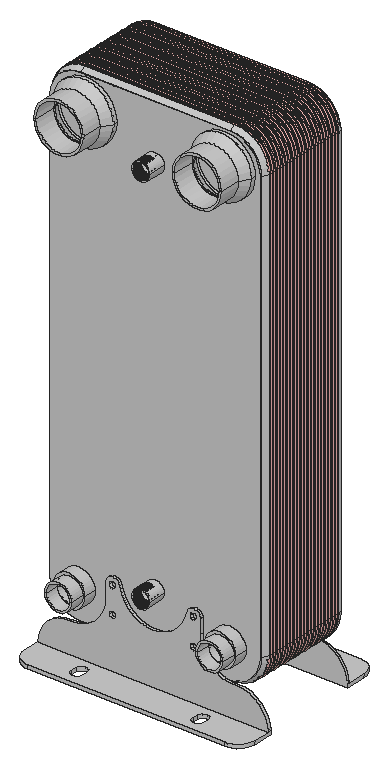
Revit family "MIT MB-11HDQ - Brazed Heat Exchanger", category Specialty Equipment, Revit 2022
Family settings
  Round Connector Dimension = Use Diameter
  Part Type = Normal
  Work Plane-Based = No
  Always vertical = Yes
  Cut with Voids When Loaded = No
  Maintain Annotation Orientation = No
  Shared = No
  Room Calculation Point = No
Parameters (values of type "Threaded")
  URL = "https://en.ekinendustriyel.com/brazed-exchangers"
  Plate Width [instance] = 2.61 mm * (Number_of_Plate)  # 130.50 mm
  Number_of_Plate [instance] = 50
  Model = "MIT-MB-11HDQ"
  Manufacturer = "Ekin Endüstriyel"
  Keynote = "Brazed Heat Exchanger"
  Description = "MIT- Brazed Heat Exchanger - 45 bar"
  Default Elevation = 0.00 mm
  A Dimension [instance] = 8.00 mm + (2.61 mm * (Number_of_Plate))  # 138.50 mm
Reference planes
  plane 1 "Center (Front/Back)": y = 0
  plane 2: z = 0
  plane 3 "Center (Left/Right)": x = 0
  plane 4: y = 8
  plane 5: y = 138.5
  plane 6: y = 136.47
  plane 7 "1": z = 733.22
  plane 8 "2": z = 100.65
  plane 9 "5": y = 141.11
  plane 10: y = 191.11
  plane 11 "3": z = 132.5
  plane 12 "4": z = 700.5
Forms (mm)
  Extrusion 1, solid, material "Stainless Steel 304/316L", detail levels medium
    sketch origin (0, 0, 0) x (1, 0, 0) y (0, 0, 1)
      loop
        line (-110.998, 47.024) -> (111, 47.024)
        arc (111, 47.024) -> (146.355, 61.669) -> (161, 97.024) r 50
        line (161, 97.024) -> (161, 736.024)
        arc (161, 736.024) -> (146.355, 771.38) -> (111, 786.024) r 50
        line (111, 786.024) -> (-110.998, 786.024)
        arc (-110.998, 786.024) -> (-146.353, 771.38) -> (-160.998, 736.024) r 50
        line (-160.998, 736.024) -> (-160.998, 97.024)
        arc (-160.998, 97.024) -> (-146.353, 61.669) -> (-110.998, 47.024) r 50
    from -8 to 1
  Sweep 2, solid, material "Stainless Steel 304/316L", detail levels fine
    path in 3D
      loop
        arc (111, 8, 786.024) -> (146.355, 8, 771.38) -> (161, 8, 736.024) r 50
        line (161, 8, 736.024) -> (161, 8, 97.024)
        arc (161, 8, 97.024) -> (146.355, 8, 61.669) -> (111, 8, 47.024) r 50
        line (111, 8, 47.024) -> (-110.998, 8, 47.024)
        arc (-110.998, 8, 47.024) -> (-146.353, 8, 61.669) -> (-160.998, 8, 97.024) r 50
        line (-160.998, 8, 97.024) -> (-160.998, 8, 736.024)
        arc (-160.998, 8, 736.024) -> (-146.353, 8, 771.38) -> (-110.998, 8, 786.024) r 50
        line (-110.998, 8, 786.024) -> (111, 8, 786.024)
    profile origin (0.001, 8, 786.024) x (0, 1, 0) y (0, 0, 1)
      loop
        line (-9, -5.024) -> (-9, -6.231) -> (0, -6.231) -> (0, 0) -> (-8.041, -5.024) -> (-9, -5.024)
  Extrusion 3, solid, material "Stainless Steel 304/316L", detail levels fine
    sketch origin (0, 0, 0) x (1, 0, 0) y (0, 0, 1)
      loop
        line (111, 779.793) -> (-110.998, 779.793)
        arc (-110.998, 779.793) -> (-141.947, 766.974) -> (-154.767, 736.024) r 43.769
        line (-154.767, 736.024) -> (-154.767, 97.024)
        arc (-154.767, 97.024) -> (-141.947, 66.075) -> (-110.998, 53.255) r 43.769
        line (-110.998, 53.255) -> (111, 53.255)
        arc (111, 53.255) -> (141.949, 66.075) -> (154.769, 97.024) r 43.769
        line (154.769, 97.024) -> (154.769, 736.024)
        arc (154.769, 736.024) -> (141.949, 766.974) -> (111, 779.793) r 43.769
    from 1 to -8
  Revolve 4, solid, material "Stainless Steel 304/316L", detail levels fine
    sketch origin (0, 0, 733.22) x (-1, 0, 0) y (0, -1, 0)
      loop
        line (139.1, 52) -> (136.05, 52) -> (136.05, 20) -> (135.05, 20) -> (135.05, 18.077) -> (142.6, 5) -> (142.6, 1) -> (147.6, 1) -> (147.6, 7) -> (139.1, 21.722) -> (139.1, 52)
      axis (102.6, 1) -> (102.6, 52)
    angle from 0 to 360
  Revolve 5, solid, material "Stainless Steel 304/316L", detail levels fine
    sketch origin (0, 0, 733.22) x (1, 0, 0) y (0, 1, 0)
      loop
        line (139.1, -52) -> (139.1, -21.722) -> (147.6, -7) -> (147.6, -1) -> (142.6, -1) -> (142.6, -5) -> (135.05, -18.077) -> (135.05, -20) -> (136.05, -20) -> (136.05, -52) -> (139.1, -52)
      axis (102.6, -1) -> (102.6, -52)
    angle from 0 to 360
  Revolve 6, solid, material "Stainless Steel 304/316L", detail levels fine
    sketch origin (0, 0, 100.65) x (-1, 0, 0) y (0, -1, 0)
      loop
        line (132, 41) -> (129.55, 41) -> (129.55, 21) -> (128.45, 21) -> (128.45, 6.55) -> (130, 5) -> (130, 1) -> (133.25, 1) -> (133.25, 3) -> (135.75, 3) -> (135.75, 21) -> (132, 21) -> (132, 41)
      axis (112, 1) -> (112, 41)
    angle from 0 to 360
  Revolve 7, solid, material "Stainless Steel 304/316L", detail levels fine
    sketch origin (0, 0, 100.65) x (1, 0, 0) y (0, 1, 0)
      loop
        line (132, -41) -> (132, -21) -> (135.75, -21) -> (135.75, -3) -> (133.25, -3) -> (133.25, -1) -> (130, -1) -> (130, -5) -> (128.45, -6.55) -> (128.45, -21) -> (129.55, -21) -> (129.55, -41) -> (132, -41)
      axis (112, -1) -> (112, -41)
    angle from 0 to 360
  Revolve 8, solid, material "Stainless Steel 304/316L", detail levels fine
    sketch origin (0, 0, 700.5) x (-1, 0, 0) y (0, -1, 0)
      loop
        line (12.503, 28) -> (13.199, 27.305) -> (12.503, 26.609) -> (13.199, 25.913) -> (12.503, 25.217) -> (13.199, 24.521) -> (12.503, 23.826) -> (13.199, 23.13) -> (12.503, 22.434) -> (13.199, 21.738) -> (12.503, 21.043) -> (13.199, 20.347) -> (12.503, 19.651) -> (13.199, 18.955) -> (12.503, 18.26) -> (13.199, 17.564) -> (12.503, 16.868) -> (13.199, 16.172) -> (12.503, 15.477) -> (13.199, 14.781) -> (12.503, 14.085) -> (13.199, 13.389) -> (12.503, 12.694) -> (13.199, 11.998) -> (12.503, 11.302) -> (12.503, 5.995) -> (7.971, 5.995) -> (7.971, 1) -> (11.499, 1) -> (11.499, 2) -> (13.498, 2) -> (13.498, 28) -> (12.503, 28)
      axis (0, 1) -> (0, 28)
    angle from 0 to 360
  Revolve 9, solid, material "Stainless Steel 304/316L", detail levels fine
    sketch origin (0, 0, 132.5) x (-1, 0, 0) y (0, -1, 0)
      loop
        line (12.503, 28) -> (13.199, 27.305) -> (12.503, 26.609) -> (13.199, 25.913) -> (12.503, 25.217) -> (13.199, 24.521) -> (12.503, 23.826) -> (13.199, 23.13) -> (12.503, 22.434) -> (13.199, 21.738) -> (12.503, 21.043) -> (13.199, 20.347) -> (12.503, 19.651) -> (13.199, 18.955) -> (12.503, 18.26) -> (13.199, 17.564) -> (12.503, 16.868) -> (13.199, 16.172) -> (12.503, 15.477) -> (13.199, 14.781) -> (12.503, 14.085) -> (13.199, 13.389) -> (12.503, 12.694) -> (13.199, 11.998) -> (12.503, 11.302) -> (12.503, 5.995) -> (7.971, 5.995) -> (7.971, 1) -> (11.499, 1) -> (11.499, 2) -> (13.498, 2) -> (13.498, 28) -> (12.503, 28)
      axis (0, 1) -> (0, 28)
    angle from 0 to 360
  Extrusion 10, solid, material "Stainless Steel 304/316L", detail levels medium+fine
    sketch origin (0, 0, 0) x (1, 0, 0) y (0, 0, 1)
      loop
        arc (-123.158, 49.91) -> (-156.799, 37.809) -> (-171, 5) r 45
        line (-171, 5) -> (-171, 0) -> (171, 0) -> (171, 5)
        arc (171, 5) -> (156.799, 37.809) -> (123.158, 49.91) r 45
        arc (123.158, 49.91) -> (85.779, 63.356) -> (70, 99.81) r 50
        line (70, 99.81) -> (70, 120)
        arc (70, 120) -> (61.025, 129.947) -> (50.21, 122.04) r 10
        arc (50.21, 122.04) -> (0, 81.212) -> (-50.21, 122.04) r 51.288
        arc (-50.21, 122.04) -> (-61.025, 129.947) -> (-70, 120) r 10
        line (-70, 120) -> (-70, 99.81)
        arc (-70, 99.81) -> (-85.779, 63.356) -> (-123.158, 49.91) r 50
      loop
        circle (-60, 120) r 5
      loop
        circle (60, 120) r 5
      loop
        circle (60, 80) r 5
      loop
        circle (-60, 80) r 5
    from 1 to 5
  Extrusion 11, solid, material "Stainless Steel 304/316L", detail levels medium+fine
    sketch origin (0, 0, 0) x (1, 0, 0) y (0, 1, 0)
      loop
        line (-171, -1) -> (-171, -30)
        arc (-171, -30) -> (-163.678, -47.678) -> (-146, -55) r 25
        line (-146, -55) -> (146, -55)
        arc (146, -55) -> (163.678, -47.678) -> (171, -30) r 25
        line (171, -30) -> (171, -1) -> (-171, -1)
      loop
        line (-81.5, -34) -> (-81.5, -26)
        arc (-81.5, -26) -> (-90, -17.5) -> (-98.5, -26) r 8.5
        line (-98.5, -26) -> (-98.5, -34)
        arc (-98.5, -34) -> (-90, -42.5) -> (-81.5, -34) r 8.5
      loop
        arc (98.5, -26) -> (90, -17.5) -> (81.5, -26) r 8.5
        line (81.5, -26) -> (81.5, -34)
        arc (81.5, -34) -> (90, -42.5) -> (98.5, -34) r 8.5
        line (98.5, -34) -> (98.5, -26)
    from 0 to 5
  Extrusion 12, solid, material "Stainless Steel 304/316L", detail levels medium
    sketch origin (0, 0, 0) x (1, 0, 0) y (0, 0, 1)
      loop
        circle (-112, 100.65) r 23.75
      loop
        circle (-112, 100.65) r 17.55
      loop
        circle (112, 100.65) r 17.55
      loop
        circle (112, 100.65) r 23.75
    from 0 to 41
  Extrusion 13, solid, material "Stainless Steel 304/316L", detail levels medium
    sketch origin (0, 0, 0) x (1, 0, 0) y (0, 0, 1)
      loop
        circle (-102.6, 733.22) r 45
      loop
        circle (-102.6, 733.22) r 33.45
      loop
        circle (102.6, 733.22) r 33.45
      loop
        circle (102.6, 733.22) r 45
    from 0 to 52
  Extrusion 14, solid, material "Stainless Steel 304/316L", detail levels medium
    sketch origin (0, 0, 0) x (1, 0, 0) y (0, 0, 1)
      loop
        circle (0, 132.5) r 13.498
      loop
        circle (0, 700.5) r 13.498
      loop
        circle (0, 700.5) r 7.971
      loop
        circle (0, 132.5) r 7.971
    from 0 to 28
  Extrusion 15, solid, material "Stainless Steel 304/316L", detail levels coarse
    sketch origin (0, 0, 0) x (1, 0, 0) y (0, 0, 1)
      loop
        circle (-112, 100.65) r 23.75
      loop
        circle (112, 100.65) r 23.75
    from 0 to 41
  Extrusion 16, solid, material "Stainless Steel 304/316L", detail levels coarse
    sketch origin (0, 0, 0) x (1, 0, 0) y (0, 0, 1)
      loop
        circle (-102.6, 733.22) r 45
      loop
        circle (102.6, 733.22) r 45
    from 0 to 52
  Extrusion 17, solid, material "Stainless Steel 304/316L", detail levels coarse
    sketch origin (0, 0, 0) x (1, 0, 0) y (0, 0, 1)
      loop
        circle (0, 132.5) r 13.498
      loop
        circle (0, 700.5) r 13.498
    from 0 to 28
  Extrusion 18, solid, material "Stainless Steel 304/316L", detail levels medium+fine
    sketch origin (0, 141.11, 0) x (-1, 0, 0) y (0, 0, 1)
      loop
        circle (-0.034, 700.556) r 45
      loop
        circle (-0.034, 700.556) r 38
      loop
        circle (-0.034, 132.533) r 45
      loop
        circle (-0.034, 132.533) r 38
    from 0 to 50
  Extrusion 19, solid, material "Stainless Steel 304/316L", detail levels coarse
    sketch origin (0, 141.11, 0) x (-1, 0, 0) y (0, 0, 1)
      loop
        circle (-0.034, 700.556) r 45
      loop
        circle (-0.034, 132.533) r 45
    from 0 to 50
  Sweep 20, solid, material "Stainless Steel 304/316L (Copper Covered)", detail levels fine
    path in 3D
      loop
        arc (111, 8, 786.024) -> (146.355, 8, 771.38) -> (161, 8, 736.024) r 50
        line (161, 8, 736.024) -> (161, 8, 97.024)
        arc (161, 8, 97.024) -> (146.355, 8, 61.669) -> (111, 8, 47.024) r 50
        line (111, 8, 47.024) -> (-110.998, 8, 47.024)
        arc (-110.998, 8, 47.024) -> (-146.353, 8, 61.669) -> (-160.998, 8, 97.024) r 50
        line (-160.998, 8, 97.024) -> (-160.998, 8, 736.024)
        arc (-160.998, 8, 736.024) -> (-146.353, 8, 771.38) -> (-110.998, 8, 786.024) r 50
        line (-110.998, 8, 786.024) -> (111, 8, 786.024)
    profile origin (0.001, 8, 786.024) x (0, 1, 0) y (0, 0, 1)
      loop
        line (2.61, 0) -> (0, -0.46) -> (0, -1.46) -> (2.61, -1.46) -> (2.61, 0)
  Sweep 21, solid, material "Stainless Steel 304/316L (Copper Covered)", detail levels fine
    path in 3D
      loop
        arc (111, 10.61, 786.024) -> (146.355, 10.61, 771.38) -> (161, 10.61, 736.024) r 50
        line (161, 10.61, 736.024) -> (161, 10.61, 97.024)
        arc (161, 10.61, 97.024) -> (146.355, 10.61, 61.669) -> (111, 10.61, 47.024) r 50
        line (111, 10.61, 47.024) -> (-110.998, 10.61, 47.024)
        arc (-110.998, 10.61, 47.024) -> (-146.353, 10.61, 61.669) -> (-160.998, 10.61, 97.024) r 50
        line (-160.998, 10.61, 97.024) -> (-160.998, 10.61, 736.024)
        arc (-160.998, 10.61, 736.024) -> (-146.353, 10.61, 771.38) -> (-110.998, 10.61, 786.024) r 50
        line (-110.998, 10.61, 786.024) -> (111, 10.61, 786.024)
    profile origin (0.001, 10.61, 786.024) x (0, 1, 0) y (0, 0, 1)
      loop
        line (2.61, 0) -> (0, -0.46) -> (0, -1.46) -> (2.61, -1.46) -> (2.61, 0)
  Sweep 22, solid, material "Stainless Steel 304/316L (Copper Covered)", detail levels fine
    path in 3D
      loop
        arc (111, 13.22, 786.024) -> (146.355, 13.22, 771.38) -> (161, 13.22, 736.024) r 50
        line (161, 13.22, 736.024) -> (161, 13.22, 97.024)
        arc (161, 13.22, 97.024) -> (146.355, 13.22, 61.669) -> (111, 13.22, 47.024) r 50
        line (111, 13.22, 47.024) -> (-110.998, 13.22, 47.024)
        arc (-110.998, 13.22, 47.024) -> (-146.353, 13.22, 61.669) -> (-160.998, 13.22, 97.024) r 50
        line (-160.998, 13.22, 97.024) -> (-160.998, 13.22, 736.024)
        arc (-160.998, 13.22, 736.024) -> (-146.353, 13.22, 771.38) -> (-110.998, 13.22, 786.024) r 50
        line (-110.998, 13.22, 786.024) -> (111, 13.22, 786.024)
    profile origin (0.001, 13.22, 786.024) x (0, 1, 0) y (0, 0, 1)
      loop
        line (2.61, 0) -> (0, -0.46) -> (0, -1.46) -> (2.61, -1.46) -> (2.61, 0)
  Sweep 23, solid, material "Stainless Steel 304/316L (Copper Covered)", detail levels fine
    path in 3D
      loop
        arc (111, 15.83, 786.024) -> (146.355, 15.83, 771.38) -> (161, 15.83, 736.024) r 50
        line (161, 15.83, 736.024) -> (161, 15.83, 97.024)
        arc (161, 15.83, 97.024) -> (146.355, 15.83, 61.669) -> (111, 15.83, 47.024) r 50
        line (111, 15.83, 47.024) -> (-110.998, 15.83, 47.024)
        arc (-110.998, 15.83, 47.024) -> (-146.353, 15.83, 61.669) -> (-160.998, 15.83, 97.024) r 50
        line (-160.998, 15.83, 97.024) -> (-160.998, 15.83, 736.024)
        arc (-160.998, 15.83, 736.024) -> (-146.353, 15.83, 771.38) -> (-110.998, 15.83, 786.024) r 50
        line (-110.998, 15.83, 786.024) -> (111, 15.83, 786.024)
    profile origin (0.001, 15.83, 786.024) x (0, 1, 0) y (0, 0, 1)
      loop
        line (2.61, 0) -> (0, -0.46) -> (0, -1.46) -> (2.61, -1.46) -> (2.61, 0)
  Sweep 24, solid, material "Stainless Steel 304/316L (Copper Covered)", detail levels fine
    path in 3D
      loop
        arc (111, 18.44, 786.024) -> (146.355, 18.44, 771.38) -> (161, 18.44, 736.024) r 50
        line (161, 18.44, 736.024) -> (161, 18.44, 97.024)
        arc (161, 18.44, 97.024) -> (146.355, 18.44, 61.669) -> (111, 18.44, 47.024) r 50
        line (111, 18.44, 47.024) -> (-110.998, 18.44, 47.024)
        arc (-110.998, 18.44, 47.024) -> (-146.353, 18.44, 61.669) -> (-160.998, 18.44, 97.024) r 50
        line (-160.998, 18.44, 97.024) -> (-160.998, 18.44, 736.024)
        arc (-160.998, 18.44, 736.024) -> (-146.353, 18.44, 771.38) -> (-110.998, 18.44, 786.024) r 50
        line (-110.998, 18.44, 786.024) -> (111, 18.44, 786.024)
    profile origin (0.001, 18.44, 786.024) x (0, 1, 0) y (0, 0, 1)
      loop
        line (2.61, 0) -> (0, -0.46) -> (0, -1.46) -> (2.61, -1.46) -> (2.61, 0)
  Sweep 25, solid, material "Stainless Steel 304/316L (Copper Covered)", detail levels fine
    path in 3D
      loop
        arc (111, 21.05, 786.024) -> (146.355, 21.05, 771.38) -> (161, 21.05, 736.024) r 50
        line (161, 21.05, 736.024) -> (161, 21.05, 97.024)
        arc (161, 21.05, 97.024) -> (146.355, 21.05, 61.669) -> (111, 21.05, 47.024) r 50
        line (111, 21.05, 47.024) -> (-110.998, 21.05, 47.024)
        arc (-110.998, 21.05, 47.024) -> (-146.353, 21.05, 61.669) -> (-160.998, 21.05, 97.024) r 50
        line (-160.998, 21.05, 97.024) -> (-160.998, 21.05, 736.024)
        arc (-160.998, 21.05, 736.024) -> (-146.353, 21.05, 771.38) -> (-110.998, 21.05, 786.024) r 50
        line (-110.998, 21.05, 786.024) -> (111, 21.05, 786.024)
    profile origin (0.001, 21.05, 786.024) x (0, 1, 0) y (0, 0, 1)
      loop
        line (2.61, 0) -> (0, -0.46) -> (0, -1.46) -> (2.61, -1.46) -> (2.61, 0)
  Sweep 26, solid, material "Stainless Steel 304/316L (Copper Covered)", detail levels fine
    path in 3D
      loop
        arc (111, 23.66, 786.024) -> (146.355, 23.66, 771.38) -> (161, 23.66, 736.024) r 50
        line (161, 23.66, 736.024) -> (161, 23.66, 97.024)
        arc (161, 23.66, 97.024) -> (146.355, 23.66, 61.669) -> (111, 23.66, 47.024) r 50
        line (111, 23.66, 47.024) -> (-110.998, 23.66, 47.024)
        arc (-110.998, 23.66, 47.024) -> (-146.353, 23.66, 61.669) -> (-160.998, 23.66, 97.024) r 50
        line (-160.998, 23.66, 97.024) -> (-160.998, 23.66, 736.024)
        arc (-160.998, 23.66, 736.024) -> (-146.353, 23.66, 771.38) -> (-110.998, 23.66, 786.024) r 50
        line (-110.998, 23.66, 786.024) -> (111, 23.66, 786.024)
    profile origin (0.001, 23.66, 786.024) x (0, 1, 0) y (0, 0, 1)
      loop
        line (2.61, 0) -> (0, -0.46) -> (0, -1.46) -> (2.61, -1.46) -> (2.61, 0)
  Sweep 27, solid, material "Stainless Steel 304/316L (Copper Covered)", detail levels fine
    path in 3D
      loop
        arc (111, 26.27, 786.024) -> (146.355, 26.27, 771.38) -> (161, 26.27, 736.024) r 50
        line (161, 26.27, 736.024) -> (161, 26.27, 97.024)
        arc (161, 26.27, 97.024) -> (146.355, 26.27, 61.669) -> (111, 26.27, 47.024) r 50
        line (111, 26.27, 47.024) -> (-110.998, 26.27, 47.024)
        arc (-110.998, 26.27, 47.024) -> (-146.353, 26.27, 61.669) -> (-160.998, 26.27, 97.024) r 50
        line (-160.998, 26.27, 97.024) -> (-160.998, 26.27, 736.024)
        arc (-160.998, 26.27, 736.024) -> (-146.353, 26.27, 771.38) -> (-110.998, 26.27, 786.024) r 50
        line (-110.998, 26.27, 786.024) -> (111, 26.27, 786.024)
    profile origin (0.001, 26.27, 786.024) x (0, 1, 0) y (0, 0, 1)
      loop
        line (2.61, 0) -> (0, -0.46) -> (0, -1.46) -> (2.61, -1.46) -> (2.61, 0)
  Sweep 28, solid, material "Stainless Steel 304/316L (Copper Covered)", detail levels fine
    path in 3D
      loop
        arc (111, 28.88, 786.024) -> (146.355, 28.88, 771.38) -> (161, 28.88, 736.024) r 50
        line (161, 28.88, 736.024) -> (161, 28.88, 97.024)
        arc (161, 28.88, 97.024) -> (146.355, 28.88, 61.669) -> (111, 28.88, 47.024) r 50
        line (111, 28.88, 47.024) -> (-110.998, 28.88, 47.024)
        arc (-110.998, 28.88, 47.024) -> (-146.353, 28.88, 61.669) -> (-160.998, 28.88, 97.024) r 50
        line (-160.998, 28.88, 97.024) -> (-160.998, 28.88, 736.024)
        arc (-160.998, 28.88, 736.024) -> (-146.353, 28.88, 771.38) -> (-110.998, 28.88, 786.024) r 50
        line (-110.998, 28.88, 786.024) -> (111, 28.88, 786.024)
    profile origin (0.001, 28.88, 786.024) x (0, 1, 0) y (0, 0, 1)
      loop
        line (2.61, 0) -> (0, -0.46) -> (0, -1.46) -> (2.61, -1.46) -> (2.61, 0)
  Sweep 29, solid, material "Stainless Steel 304/316L (Copper Covered)", detail levels fine
    path in 3D
      loop
        arc (111, 31.49, 786.024) -> (146.355, 31.49, 771.38) -> (161, 31.49, 736.024) r 50
        line (161, 31.49, 736.024) -> (161, 31.49, 97.024)
        arc (161, 31.49, 97.024) -> (146.355, 31.49, 61.669) -> (111, 31.49, 47.024) r 50
        line (111, 31.49, 47.024) -> (-110.998, 31.49, 47.024)
        arc (-110.998, 31.49, 47.024) -> (-146.353, 31.49, 61.669) -> (-160.998, 31.49, 97.024) r 50
        line (-160.998, 31.49, 97.024) -> (-160.998, 31.49, 736.024)
        arc (-160.998, 31.49, 736.024) -> (-146.353, 31.49, 771.38) -> (-110.998, 31.49, 786.024) r 50
        line (-110.998, 31.49, 786.024) -> (111, 31.49, 786.024)
    profile origin (0.001, 31.49, 786.024) x (0, 1, 0) y (0, 0, 1)
      loop
        line (2.61, 0) -> (0, -0.46) -> (0, -1.46) -> (2.61, -1.46) -> (2.61, 0)
  Sweep 30, solid, material "Stainless Steel 304/316L (Copper Covered)", detail levels fine
    path in 3D
      loop
        arc (111, 34.1, 786.024) -> (146.355, 34.1, 771.38) -> (161, 34.1, 736.024) r 50
        line (161, 34.1, 736.024) -> (161, 34.1, 97.024)
        arc (161, 34.1, 97.024) -> (146.355, 34.1, 61.669) -> (111, 34.1, 47.024) r 50
        line (111, 34.1, 47.024) -> (-110.998, 34.1, 47.024)
        arc (-110.998, 34.1, 47.024) -> (-146.353, 34.1, 61.669) -> (-160.998, 34.1, 97.024) r 50
        line (-160.998, 34.1, 97.024) -> (-160.998, 34.1, 736.024)
        arc (-160.998, 34.1, 736.024) -> (-146.353, 34.1, 771.38) -> (-110.998, 34.1, 786.024) r 50
        line (-110.998, 34.1, 786.024) -> (111, 34.1, 786.024)
    profile origin (0.001, 34.1, 786.024) x (0, 1, 0) y (0, 0, 1)
      loop
        line (2.61, 0) -> (0, -0.46) -> (0, -1.46) -> (2.61, -1.46) -> (2.61, 0)
  Sweep 31, solid, material "Stainless Steel 304/316L (Copper Covered)", detail levels fine
    path in 3D
      loop
        arc (111, 36.71, 786.024) -> (146.355, 36.71, 771.38) -> (161, 36.71, 736.024) r 50
        line (161, 36.71, 736.024) -> (161, 36.71, 97.024)
        arc (161, 36.71, 97.024) -> (146.355, 36.71, 61.669) -> (111, 36.71, 47.024) r 50
        line (111, 36.71, 47.024) -> (-110.998, 36.71, 47.024)
        arc (-110.998, 36.71, 47.024) -> (-146.353, 36.71, 61.669) -> (-160.998, 36.71, 97.024) r 50
        line (-160.998, 36.71, 97.024) -> (-160.998, 36.71, 736.024)
        arc (-160.998, 36.71, 736.024) -> (-146.353, 36.71, 771.38) -> (-110.998, 36.71, 786.024) r 50
        line (-110.998, 36.71, 786.024) -> (111, 36.71, 786.024)
    profile origin (0.001, 36.71, 786.024) x (0, 1, 0) y (0, 0, 1)
      loop
        line (2.61, 0) -> (0, -0.46) -> (0, -1.46) -> (2.61, -1.46) -> (2.61, 0)
  Sweep 32, solid, material "Stainless Steel 304/316L (Copper Covered)", detail levels fine
    path in 3D
      loop
        arc (111, 39.32, 786.024) -> (146.355, 39.32, 771.38) -> (161, 39.32, 736.024) r 50
        line (161, 39.32, 736.024) -> (161, 39.32, 97.024)
        arc (161, 39.32, 97.024) -> (146.355, 39.32, 61.669) -> (111, 39.32, 47.024) r 50
        line (111, 39.32, 47.024) -> (-110.998, 39.32, 47.024)
        arc (-110.998, 39.32, 47.024) -> (-146.353, 39.32, 61.669) -> (-160.998, 39.32, 97.024) r 50
        line (-160.998, 39.32, 97.024) -> (-160.998, 39.32, 736.024)
        arc (-160.998, 39.32, 736.024) -> (-146.353, 39.32, 771.38) -> (-110.998, 39.32, 786.024) r 50
        line (-110.998, 39.32, 786.024) -> (111, 39.32, 786.024)
    profile origin (0.001, 39.32, 786.024) x (0, 1, 0) y (0, 0, 1)
      loop
        line (2.61, 0) -> (0, -0.46) -> (0, -1.46) -> (2.61, -1.46) -> (2.61, 0)
  Sweep 33, solid, material "Stainless Steel 304/316L (Copper Covered)", detail levels fine
    path in 3D
      loop
        arc (111, 41.93, 786.024) -> (146.355, 41.93, 771.38) -> (161, 41.93, 736.024) r 50
        line (161, 41.93, 736.024) -> (161, 41.93, 97.024)
        arc (161, 41.93, 97.024) -> (146.355, 41.93, 61.669) -> (111, 41.93, 47.024) r 50
        line (111, 41.93, 47.024) -> (-110.998, 41.93, 47.024)
        arc (-110.998, 41.93, 47.024) -> (-146.353, 41.93, 61.669) -> (-160.998, 41.93, 97.024) r 50
        line (-160.998, 41.93, 97.024) -> (-160.998, 41.93, 736.024)
        arc (-160.998, 41.93, 736.024) -> (-146.353, 41.93, 771.38) -> (-110.998, 41.93, 786.024) r 50
        line (-110.998, 41.93, 786.024) -> (111, 41.93, 786.024)
    profile origin (0.001, 41.93, 786.024) x (0, 1, 0) y (0, 0, 1)
      loop
        line (2.61, 0) -> (0, -0.46) -> (0, -1.46) -> (2.61, -1.46) -> (2.61, 0)
  Sweep 34, solid, material "Stainless Steel 304/316L (Copper Covered)", detail levels fine
    path in 3D
      loop
        arc (111, 44.54, 786.024) -> (146.355, 44.54, 771.38) -> (161, 44.54, 736.024) r 50
        line (161, 44.54, 736.024) -> (161, 44.54, 97.024)
        arc (161, 44.54, 97.024) -> (146.355, 44.54, 61.669) -> (111, 44.54, 47.024) r 50
        line (111, 44.54, 47.024) -> (-110.998, 44.54, 47.024)
        arc (-110.998, 44.54, 47.024) -> (-146.353, 44.54, 61.669) -> (-160.998, 44.54, 97.024) r 50
        line (-160.998, 44.54, 97.024) -> (-160.998, 44.54, 736.024)
        arc (-160.998, 44.54, 736.024) -> (-146.353, 44.54, 771.38) -> (-110.998, 44.54, 786.024) r 50
        line (-110.998, 44.54, 786.024) -> (111, 44.54, 786.024)
    profile origin (0.001, 44.54, 786.024) x (0, 1, 0) y (0, 0, 1)
      loop
        line (2.61, 0) -> (0, -0.46) -> (0, -1.46) -> (2.61, -1.46) -> (2.61, 0)
  Sweep 35, solid, material "Stainless Steel 304/316L (Copper Covered)", detail levels fine
    path in 3D
      loop
        arc (111, 47.15, 786.024) -> (146.355, 47.15, 771.38) -> (161, 47.15, 736.024) r 50
        line (161, 47.15, 736.024) -> (161, 47.15, 97.024)
        arc (161, 47.15, 97.024) -> (146.355, 47.15, 61.669) -> (111, 47.15, 47.024) r 50
        line (111, 47.15, 47.024) -> (-110.998, 47.15, 47.024)
        arc (-110.998, 47.15, 47.024) -> (-146.353, 47.15, 61.669) -> (-160.998, 47.15, 97.024) r 50
        line (-160.998, 47.15, 97.024) -> (-160.998, 47.15, 736.024)
        arc (-160.998, 47.15, 736.024) -> (-146.353, 47.15, 771.38) -> (-110.998, 47.15, 786.024) r 50
        line (-110.998, 47.15, 786.024) -> (111, 47.15, 786.024)
    profile origin (0.001, 47.15, 786.024) x (0, 1, 0) y (0, 0, 1)
      loop
        line (2.61, 0) -> (0, -0.46) -> (0, -1.46) -> (2.61, -1.46) -> (2.61, 0)
  Sweep 36, solid, material "Stainless Steel 304/316L (Copper Covered)", detail levels fine
    path in 3D
      loop
        arc (111, 49.76, 786.024) -> (146.355, 49.76, 771.38) -> (161, 49.76, 736.024) r 50
        line (161, 49.76, 736.024) -> (161, 49.76, 97.024)
        arc (161, 49.76, 97.024) -> (146.355, 49.76, 61.669) -> (111, 49.76, 47.024) r 50
        line (111, 49.76, 47.024) -> (-110.998, 49.76, 47.024)
        arc (-110.998, 49.76, 47.024) -> (-146.353, 49.76, 61.669) -> (-160.998, 49.76, 97.024) r 50
        line (-160.998, 49.76, 97.024) -> (-160.998, 49.76, 736.024)
        arc (-160.998, 49.76, 736.024) -> (-146.353, 49.76, 771.38) -> (-110.998, 49.76, 786.024) r 50
        line (-110.998, 49.76, 786.024) -> (111, 49.76, 786.024)
    profile origin (0.001, 49.76, 786.024) x (0, 1, 0) y (0, 0, 1)
      loop
        line (2.61, 0) -> (0, -0.46) -> (0, -1.46) -> (2.61, -1.46) -> (2.61, 0)
  Sweep 37, solid, material "Stainless Steel 304/316L (Copper Covered)", detail levels fine
    path in 3D
      loop
        arc (111, 52.37, 786.024) -> (146.355, 52.37, 771.38) -> (161, 52.37, 736.024) r 50
        line (161, 52.37, 736.024) -> (161, 52.37, 97.024)
        arc (161, 52.37, 97.024) -> (146.355, 52.37, 61.669) -> (111, 52.37, 47.024) r 50
        line (111, 52.37, 47.024) -> (-110.998, 52.37, 47.024)
        arc (-110.998, 52.37, 47.024) -> (-146.353, 52.37, 61.669) -> (-160.998, 52.37, 97.024) r 50
        line (-160.998, 52.37, 97.024) -> (-160.998, 52.37, 736.024)
        arc (-160.998, 52.37, 736.024) -> (-146.353, 52.37, 771.38) -> (-110.998, 52.37, 786.024) r 50
        line (-110.998, 52.37, 786.024) -> (111, 52.37, 786.024)
    profile origin (0.001, 52.37, 786.024) x (0, 1, 0) y (0, 0, 1)
      loop
        line (2.61, 0) -> (0, -0.46) -> (0, -1.46) -> (2.61, -1.46) -> (2.61, 0)
  Sweep 38, solid, material "Stainless Steel 304/316L (Copper Covered)", detail levels fine
    path in 3D
      loop
        arc (111, 54.98, 786.024) -> (146.355, 54.98, 771.38) -> (161, 54.98, 736.024) r 50
        line (161, 54.98, 736.024) -> (161, 54.98, 97.024)
        arc (161, 54.98, 97.024) -> (146.355, 54.98, 61.669) -> (111, 54.98, 47.024) r 50
        line (111, 54.98, 47.024) -> (-110.998, 54.98, 47.024)
        arc (-110.998, 54.98, 47.024) -> (-146.353, 54.98, 61.669) -> (-160.998, 54.98, 97.024) r 50
        line (-160.998, 54.98, 97.024) -> (-160.998, 54.98, 736.024)
        arc (-160.998, 54.98, 736.024) -> (-146.353, 54.98, 771.38) -> (-110.998, 54.98, 786.024) r 50
        line (-110.998, 54.98, 786.024) -> (111, 54.98, 786.024)
    profile origin (0.001, 54.98, 786.024) x (0, 1, 0) y (0, 0, 1)
      loop
        line (2.61, 0) -> (0, -0.46) -> (0, -1.46) -> (2.61, -1.46) -> (2.61, 0)
  Sweep 39, solid, material "Stainless Steel 304/316L (Copper Covered)", detail levels fine
    path in 3D
      loop
        arc (111, 57.59, 786.024) -> (146.355, 57.59, 771.38) -> (161, 57.59, 736.024) r 50
        line (161, 57.59, 736.024) -> (161, 57.59, 97.024)
        arc (161, 57.59, 97.024) -> (146.355, 57.59, 61.669) -> (111, 57.59, 47.024) r 50
        line (111, 57.59, 47.024) -> (-110.998, 57.59, 47.024)
        arc (-110.998, 57.59, 47.024) -> (-146.353, 57.59, 61.669) -> (-160.998, 57.59, 97.024) r 50
        line (-160.998, 57.59, 97.024) -> (-160.998, 57.59, 736.024)
        arc (-160.998, 57.59, 736.024) -> (-146.353, 57.59, 771.38) -> (-110.998, 57.59, 786.024) r 50
        line (-110.998, 57.59, 786.024) -> (111, 57.59, 786.024)
    profile origin (0.001, 57.59, 786.024) x (0, 1, 0) y (0, 0, 1)
      loop
        line (2.61, 0) -> (0, -0.46) -> (0, -1.46) -> (2.61, -1.46) -> (2.61, 0)
  Sweep 40, solid, material "Stainless Steel 304/316L (Copper Covered)", detail levels fine
    path in 3D
      loop
        arc (111, 60.2, 786.024) -> (146.355, 60.2, 771.38) -> (161, 60.2, 736.024) r 50
        line (161, 60.2, 736.024) -> (161, 60.2, 97.024)
        arc (161, 60.2, 97.024) -> (146.355, 60.2, 61.669) -> (111, 60.2, 47.024) r 50
        line (111, 60.2, 47.024) -> (-110.998, 60.2, 47.024)
        arc (-110.998, 60.2, 47.024) -> (-146.353, 60.2, 61.669) -> (-160.998, 60.2, 97.024) r 50
        line (-160.998, 60.2, 97.024) -> (-160.998, 60.2, 736.024)
        arc (-160.998, 60.2, 736.024) -> (-146.353, 60.2, 771.38) -> (-110.998, 60.2, 786.024) r 50
        line (-110.998, 60.2, 786.024) -> (111, 60.2, 786.024)
    profile origin (0.001, 60.2, 786.024) x (0, 1, 0) y (0, 0, 1)
      loop
        line (2.61, 0) -> (0, -0.46) -> (0, -1.46) -> (2.61, -1.46) -> (2.61, 0)
  Sweep 41, solid, material "Stainless Steel 304/316L (Copper Covered)", detail levels fine
    path in 3D
      loop
        arc (111, 62.81, 786.024) -> (146.355, 62.81, 771.38) -> (161, 62.81, 736.024) r 50
        line (161, 62.81, 736.024) -> (161, 62.81, 97.024)
        arc (161, 62.81, 97.024) -> (146.355, 62.81, 61.669) -> (111, 62.81, 47.024) r 50
        line (111, 62.81, 47.024) -> (-110.998, 62.81, 47.024)
        arc (-110.998, 62.81, 47.024) -> (-146.353, 62.81, 61.669) -> (-160.998, 62.81, 97.024) r 50
        line (-160.998, 62.81, 97.024) -> (-160.998, 62.81, 736.024)
        arc (-160.998, 62.81, 736.024) -> (-146.353, 62.81, 771.38) -> (-110.998, 62.81, 786.024) r 50
        line (-110.998, 62.81, 786.024) -> (111, 62.81, 786.024)
    profile origin (0.001, 62.81, 786.024) x (0, 1, 0) y (0, 0, 1)
      loop
        line (2.61, 0) -> (0, -0.46) -> (0, -1.46) -> (2.61, -1.46) -> (2.61, 0)
  Sweep 42, solid, material "Stainless Steel 304/316L (Copper Covered)", detail levels fine
    path in 3D
      loop
        arc (111, 65.42, 786.024) -> (146.355, 65.42, 771.38) -> (161, 65.42, 736.024) r 50
        line (161, 65.42, 736.024) -> (161, 65.42, 97.024)
        arc (161, 65.42, 97.024) -> (146.355, 65.42, 61.669) -> (111, 65.42, 47.024) r 50
        line (111, 65.42, 47.024) -> (-110.998, 65.42, 47.024)
        arc (-110.998, 65.42, 47.024) -> (-146.353, 65.42, 61.669) -> (-160.998, 65.42, 97.024) r 50
        line (-160.998, 65.42, 97.024) -> (-160.998, 65.42, 736.024)
        arc (-160.998, 65.42, 736.024) -> (-146.353, 65.42, 771.38) -> (-110.998, 65.42, 786.024) r 50
        line (-110.998, 65.42, 786.024) -> (111, 65.42, 786.024)
    profile origin (0.001, 65.42, 786.024) x (0, 1, 0) y (0, 0, 1)
      loop
        line (2.61, 0) -> (0, -0.46) -> (0, -1.46) -> (2.61, -1.46) -> (2.61, 0)
  Sweep 43, solid, material "Stainless Steel 304/316L (Copper Covered)", detail levels fine
    path in 3D
      loop
        arc (111, 68.03, 786.024) -> (146.355, 68.03, 771.38) -> (161, 68.03, 736.024) r 50
        line (161, 68.03, 736.024) -> (161, 68.03, 97.024)
        arc (161, 68.03, 97.024) -> (146.355, 68.03, 61.669) -> (111, 68.03, 47.024) r 50
        line (111, 68.03, 47.024) -> (-110.998, 68.03, 47.024)
        arc (-110.998, 68.03, 47.024) -> (-146.353, 68.03, 61.669) -> (-160.998, 68.03, 97.024) r 50
        line (-160.998, 68.03, 97.024) -> (-160.998, 68.03, 736.024)
        arc (-160.998, 68.03, 736.024) -> (-146.353, 68.03, 771.38) -> (-110.998, 68.03, 786.024) r 50
        line (-110.998, 68.03, 786.024) -> (111, 68.03, 786.024)
    profile origin (0.001, 68.03, 786.024) x (0, 1, 0) y (0, 0, 1)
      loop
        line (2.61, 0) -> (0, -0.46) -> (0, -1.46) -> (2.61, -1.46) -> (2.61, 0)
  Sweep 44, solid, material "Stainless Steel 304/316L (Copper Covered)", detail levels fine
    path in 3D
      loop
        arc (111, 70.64, 786.024) -> (146.355, 70.64, 771.38) -> (161, 70.64, 736.024) r 50
        line (161, 70.64, 736.024) -> (161, 70.64, 97.024)
        arc (161, 70.64, 97.024) -> (146.355, 70.64, 61.669) -> (111, 70.64, 47.024) r 50
        line (111, 70.64, 47.024) -> (-110.998, 70.64, 47.024)
        arc (-110.998, 70.64, 47.024) -> (-146.353, 70.64, 61.669) -> (-160.998, 70.64, 97.024) r 50
        line (-160.998, 70.64, 97.024) -> (-160.998, 70.64, 736.024)
        arc (-160.998, 70.64, 736.024) -> (-146.353, 70.64, 771.38) -> (-110.998, 70.64, 786.024) r 50
        line (-110.998, 70.64, 786.024) -> (111, 70.64, 786.024)
    profile origin (0.001, 70.64, 786.024) x (0, 1, 0) y (0, 0, 1)
      loop
        line (2.61, 0) -> (0, -0.46) -> (0, -1.46) -> (2.61, -1.46) -> (2.61, 0)
  Sweep 45, solid, material "Stainless Steel 304/316L (Copper Covered)", detail levels fine
    path in 3D
      loop
        arc (111, 73.25, 786.024) -> (146.355, 73.25, 771.38) -> (161, 73.25, 736.024) r 50
        line (161, 73.25, 736.024) -> (161, 73.25, 97.024)
        arc (161, 73.25, 97.024) -> (146.355, 73.25, 61.669) -> (111, 73.25, 47.024) r 50
        line (111, 73.25, 47.024) -> (-110.998, 73.25, 47.024)
        arc (-110.998, 73.25, 47.024) -> (-146.353, 73.25, 61.669) -> (-160.998, 73.25, 97.024) r 50
        line (-160.998, 73.25, 97.024) -> (-160.998, 73.25, 736.024)
        arc (-160.998, 73.25, 736.024) -> (-146.353, 73.25, 771.38) -> (-110.998, 73.25, 786.024) r 50
        line (-110.998, 73.25, 786.024) -> (111, 73.25, 786.024)
    profile origin (0.001, 73.25, 786.024) x (0, 1, 0) y (0, 0, 1)
      loop
        line (2.61, 0) -> (0, -0.46) -> (0, -1.46) -> (2.61, -1.46) -> (2.61, 0)
  Sweep 46, solid, material "Stainless Steel 304/316L (Copper Covered)", detail levels fine
    path in 3D
      loop
        arc (111, 75.86, 786.024) -> (146.355, 75.86, 771.38) -> (161, 75.86, 736.024) r 50
        line (161, 75.86, 736.024) -> (161, 75.86, 97.024)
        arc (161, 75.86, 97.024) -> (146.355, 75.86, 61.669) -> (111, 75.86, 47.024) r 50
        line (111, 75.86, 47.024) -> (-110.998, 75.86, 47.024)
        arc (-110.998, 75.86, 47.024) -> (-146.353, 75.86, 61.669) -> (-160.998, 75.86, 97.024) r 50
        line (-160.998, 75.86, 97.024) -> (-160.998, 75.86, 736.024)
        arc (-160.998, 75.86, 736.024) -> (-146.353, 75.86, 771.38) -> (-110.998, 75.86, 786.024) r 50
        line (-110.998, 75.86, 786.024) -> (111, 75.86, 786.024)
    profile origin (0.001, 75.86, 786.024) x (0, 1, 0) y (0, 0, 1)
      loop
        line (2.61, 0) -> (0, -0.46) -> (0, -1.46) -> (2.61, -1.46) -> (2.61, 0)
  Sweep 47, solid, material "Stainless Steel 304/316L (Copper Covered)", detail levels fine
    path in 3D
      loop
        arc (111, 78.47, 786.024) -> (146.355, 78.47, 771.38) -> (161, 78.47, 736.024) r 50
        line (161, 78.47, 736.024) -> (161, 78.47, 97.024)
        arc (161, 78.47, 97.024) -> (146.355, 78.47, 61.669) -> (111, 78.47, 47.024) r 50
        line (111, 78.47, 47.024) -> (-110.998, 78.47, 47.024)
        arc (-110.998, 78.47, 47.024) -> (-146.353, 78.47, 61.669) -> (-160.998, 78.47, 97.024) r 50
        line (-160.998, 78.47, 97.024) -> (-160.998, 78.47, 736.024)
        arc (-160.998, 78.47, 736.024) -> (-146.353, 78.47, 771.38) -> (-110.998, 78.47, 786.024) r 50
        line (-110.998, 78.47, 786.024) -> (111, 78.47, 786.024)
    profile origin (0.001, 78.47, 786.024) x (0, 1, 0) y (0, 0, 1)
      loop
        line (2.61, 0) -> (0, -0.46) -> (0, -1.46) -> (2.61, -1.46) -> (2.61, 0)
  Sweep 48, solid, material "Stainless Steel 304/316L (Copper Covered)", detail levels fine
    path in 3D
      loop
        arc (111, 81.08, 786.024) -> (146.355, 81.08, 771.38) -> (161, 81.08, 736.024) r 50
        line (161, 81.08, 736.024) -> (161, 81.08, 97.024)
        arc (161, 81.08, 97.024) -> (146.355, 81.08, 61.669) -> (111, 81.08, 47.024) r 50
        line (111, 81.08, 47.024) -> (-110.998, 81.08, 47.024)
        arc (-110.998, 81.08, 47.024) -> (-146.353, 81.08, 61.669) -> (-160.998, 81.08, 97.024) r 50
        line (-160.998, 81.08, 97.024) -> (-160.998, 81.08, 736.024)
        arc (-160.998, 81.08, 736.024) -> (-146.353, 81.08, 771.38) -> (-110.998, 81.08, 786.024) r 50
        line (-110.998, 81.08, 786.024) -> (111, 81.08, 786.024)
    profile origin (0.001, 81.08, 786.024) x (0, 1, 0) y (0, 0, 1)
      loop
        line (2.61, 0) -> (0, -0.46) -> (0, -1.46) -> (2.61, -1.46) -> (2.61, 0)
  Sweep 49, solid, material "Stainless Steel 304/316L (Copper Covered)", detail levels fine
    path in 3D
      loop
        arc (111, 83.69, 786.024) -> (146.355, 83.69, 771.38) -> (161, 83.69, 736.024) r 50
        line (161, 83.69, 736.024) -> (161, 83.69, 97.024)
        arc (161, 83.69, 97.024) -> (146.355, 83.69, 61.669) -> (111, 83.69, 47.024) r 50
        line (111, 83.69, 47.024) -> (-110.998, 83.69, 47.024)
        arc (-110.998, 83.69, 47.024) -> (-146.353, 83.69, 61.669) -> (-160.998, 83.69, 97.024) r 50
        line (-160.998, 83.69, 97.024) -> (-160.998, 83.69, 736.024)
        arc (-160.998, 83.69, 736.024) -> (-146.353, 83.69, 771.38) -> (-110.998, 83.69, 786.024) r 50
        line (-110.998, 83.69, 786.024) -> (111, 83.69, 786.024)
    profile origin (0.001, 83.69, 786.024) x (0, 1, 0) y (0, 0, 1)
      loop
        line (2.61, 0) -> (0, -0.46) -> (0, -1.46) -> (2.61, -1.46) -> (2.61, 0)
  Sweep 50, solid, material "Stainless Steel 304/316L (Copper Covered)", detail levels fine
    path in 3D
      loop
        arc (111, 86.3, 786.024) -> (146.355, 86.3, 771.38) -> (161, 86.3, 736.024) r 50
        line (161, 86.3, 736.024) -> (161, 86.3, 97.024)
        arc (161, 86.3, 97.024) -> (146.355, 86.3, 61.669) -> (111, 86.3, 47.024) r 50
        line (111, 86.3, 47.024) -> (-110.998, 86.3, 47.024)
        arc (-110.998, 86.3, 47.024) -> (-146.353, 86.3, 61.669) -> (-160.998, 86.3, 97.024) r 50
        line (-160.998, 86.3, 97.024) -> (-160.998, 86.3, 736.024)
        arc (-160.998, 86.3, 736.024) -> (-146.353, 86.3, 771.38) -> (-110.998, 86.3, 786.024) r 50
        line (-110.998, 86.3, 786.024) -> (111, 86.3, 786.024)
    profile origin (0.001, 86.3, 786.024) x (0, 1, 0) y (0, 0, 1)
      loop
        line (2.61, 0) -> (0, -0.46) -> (0, -1.46) -> (2.61, -1.46) -> (2.61, 0)
  Sweep 51, solid, material "Stainless Steel 304/316L (Copper Covered)", detail levels fine
    path in 3D
      loop
        arc (111, 88.91, 786.024) -> (146.355, 88.91, 771.38) -> (161, 88.91, 736.024) r 50
        line (161, 88.91, 736.024) -> (161, 88.91, 97.024)
        arc (161, 88.91, 97.024) -> (146.355, 88.91, 61.669) -> (111, 88.91, 47.024) r 50
        line (111, 88.91, 47.024) -> (-110.998, 88.91, 47.024)
        arc (-110.998, 88.91, 47.024) -> (-146.353, 88.91, 61.669) -> (-160.998, 88.91, 97.024) r 50
        line (-160.998, 88.91, 97.024) -> (-160.998, 88.91, 736.024)
        arc (-160.998, 88.91, 736.024) -> (-146.353, 88.91, 771.38) -> (-110.998, 88.91, 786.024) r 50
        line (-110.998, 88.91, 786.024) -> (111, 88.91, 786.024)
    profile origin (0.001, 88.91, 786.024) x (0, 1, 0) y (0, 0, 1)
      loop
        line (2.61, 0) -> (0, -0.46) -> (0, -1.46) -> (2.61, -1.46) -> (2.61, 0)
  Sweep 52, solid, material "Stainless Steel 304/316L (Copper Covered)", detail levels fine
    path in 3D
      loop
        arc (111, 91.52, 786.024) -> (146.355, 91.52, 771.38) -> (161, 91.52, 736.024) r 50
        line (161, 91.52, 736.024) -> (161, 91.52, 97.024)
        arc (161, 91.52, 97.024) -> (146.355, 91.52, 61.669) -> (111, 91.52, 47.024) r 50
        line (111, 91.52, 47.024) -> (-110.998, 91.52, 47.024)
        arc (-110.998, 91.52, 47.024) -> (-146.353, 91.52, 61.669) -> (-160.998, 91.52, 97.024) r 50
        line (-160.998, 91.52, 97.024) -> (-160.998, 91.52, 736.024)
        arc (-160.998, 91.52, 736.024) -> (-146.353, 91.52, 771.38) -> (-110.998, 91.52, 786.024) r 50
        line (-110.998, 91.52, 786.024) -> (111, 91.52, 786.024)
    profile origin (0.001, 91.52, 786.024) x (0, 1, 0) y (0, 0, 1)
      loop
        line (2.61, 0) -> (0, -0.46) -> (0, -1.46) -> (2.61, -1.46) -> (2.61, 0)
  Sweep 53, solid, material "Stainless Steel 304/316L (Copper Covered)", detail levels fine
    path in 3D
      loop
        arc (111, 94.13, 786.024) -> (146.355, 94.13, 771.38) -> (161, 94.13, 736.024) r 50
        line (161, 94.13, 736.024) -> (161, 94.13, 97.024)
        arc (161, 94.13, 97.024) -> (146.355, 94.13, 61.669) -> (111, 94.13, 47.024) r 50
        line (111, 94.13, 47.024) -> (-110.998, 94.13, 47.024)
        arc (-110.998, 94.13, 47.024) -> (-146.353, 94.13, 61.669) -> (-160.998, 94.13, 97.024) r 50
        line (-160.998, 94.13, 97.024) -> (-160.998, 94.13, 736.024)
        arc (-160.998, 94.13, 736.024) -> (-146.353, 94.13, 771.38) -> (-110.998, 94.13, 786.024) r 50
        line (-110.998, 94.13, 786.024) -> (111, 94.13, 786.024)
    profile origin (0.001, 94.13, 786.024) x (0, 1, 0) y (0, 0, 1)
      loop
        line (2.61, 0) -> (0, -0.46) -> (0, -1.46) -> (2.61, -1.46) -> (2.61, 0)
  Sweep 54, solid, material "Stainless Steel 304/316L (Copper Covered)", detail levels fine
    path in 3D
      loop
        arc (111, 96.74, 786.024) -> (146.355, 96.74, 771.38) -> (161, 96.74, 736.024) r 50
        line (161, 96.74, 736.024) -> (161, 96.74, 97.024)
        arc (161, 96.74, 97.024) -> (146.355, 96.74, 61.669) -> (111, 96.74, 47.024) r 50
        line (111, 96.74, 47.024) -> (-110.998, 96.74, 47.024)
        arc (-110.998, 96.74, 47.024) -> (-146.353, 96.74, 61.669) -> (-160.998, 96.74, 97.024) r 50
        line (-160.998, 96.74, 97.024) -> (-160.998, 96.74, 736.024)
        arc (-160.998, 96.74, 736.024) -> (-146.353, 96.74, 771.38) -> (-110.998, 96.74, 786.024) r 50
        line (-110.998, 96.74, 786.024) -> (111, 96.74, 786.024)
    profile origin (0.001, 96.74, 786.024) x (0, 1, 0) y (0, 0, 1)
      loop
        line (2.61, 0) -> (0, -0.46) -> (0, -1.46) -> (2.61, -1.46) -> (2.61, 0)
  Sweep 55, solid, material "Stainless Steel 304/316L (Copper Covered)", detail levels fine
    path in 3D
      loop
        arc (111, 99.35, 786.024) -> (146.355, 99.35, 771.38) -> (161, 99.35, 736.024) r 50
        line (161, 99.35, 736.024) -> (161, 99.35, 97.024)
        arc (161, 99.35, 97.024) -> (146.355, 99.35, 61.669) -> (111, 99.35, 47.024) r 50
        line (111, 99.35, 47.024) -> (-110.998, 99.35, 47.024)
        arc (-110.998, 99.35, 47.024) -> (-146.353, 99.35, 61.669) -> (-160.998, 99.35, 97.024) r 50
        line (-160.998, 99.35, 97.024) -> (-160.998, 99.35, 736.024)
        arc (-160.998, 99.35, 736.024) -> (-146.353, 99.35, 771.38) -> (-110.998, 99.35, 786.024) r 50
        line (-110.998, 99.35, 786.024) -> (111, 99.35, 786.024)
    profile origin (0.001, 99.35, 786.024) x (0, 1, 0) y (0, 0, 1)
      loop
        line (2.61, 0) -> (0, -0.46) -> (0, -1.46) -> (2.61, -1.46) -> (2.61, 0)
  Sweep 56, solid, material "Stainless Steel 304/316L (Copper Covered)", detail levels fine
    path in 3D
      loop
        arc (111, 101.96, 786.024) -> (146.355, 101.96, 771.38) -> (161, 101.96, 736.024) r 50
        line (161, 101.96, 736.024) -> (161, 101.96, 97.024)
        arc (161, 101.96, 97.024) -> (146.355, 101.96, 61.669) -> (111, 101.96, 47.024) r 50
        line (111, 101.96, 47.024) -> (-110.998, 101.96, 47.024)
        arc (-110.998, 101.96, 47.024) -> (-146.353, 101.96, 61.669) -> (-160.998, 101.96, 97.024) r 50
        line (-160.998, 101.96, 97.024) -> (-160.998, 101.96, 736.024)
        arc (-160.998, 101.96, 736.024) -> (-146.353, 101.96, 771.38) -> (-110.998, 101.96, 786.024) r 50
        line (-110.998, 101.96, 786.024) -> (111, 101.96, 786.024)
    profile origin (0.001, 101.96, 786.024) x (0, 1, 0) y (0, 0, 1)
      loop
        line (2.61, 0) -> (0, -0.46) -> (0, -1.46) -> (2.61, -1.46) -> (2.61, 0)
  Sweep 57, solid, material "Stainless Steel 304/316L (Copper Covered)", detail levels fine
    path in 3D
      loop
        arc (111, 104.57, 786.024) -> (146.355, 104.57, 771.38) -> (161, 104.57, 736.024) r 50
        line (161, 104.57, 736.024) -> (161, 104.57, 97.024)
        arc (161, 104.57, 97.024) -> (146.355, 104.57, 61.669) -> (111, 104.57, 47.024) r 50
        line (111, 104.57, 47.024) -> (-110.998, 104.57, 47.024)
        arc (-110.998, 104.57, 47.024) -> (-146.353, 104.57, 61.669) -> (-160.998, 104.57, 97.024) r 50
        line (-160.998, 104.57, 97.024) -> (-160.998, 104.57, 736.024)
        arc (-160.998, 104.57, 736.024) -> (-146.353, 104.57, 771.38) -> (-110.998, 104.57, 786.024) r 50
        line (-110.998, 104.57, 786.024) -> (111, 104.57, 786.024)
    profile origin (0.001, 104.57, 786.024) x (0, 1, 0) y (0, 0, 1)
      loop
        line (2.61, 0) -> (0, -0.46) -> (0, -1.46) -> (2.61, -1.46) -> (2.61, 0)
  Sweep 58, solid, material "Stainless Steel 304/316L (Copper Covered)", detail levels fine
    path in 3D
      loop
        arc (111, 107.18, 786.024) -> (146.355, 107.18, 771.38) -> (161, 107.18, 736.024) r 50
        line (161, 107.18, 736.024) -> (161, 107.18, 97.024)
        arc (161, 107.18, 97.024) -> (146.355, 107.18, 61.669) -> (111, 107.18, 47.024) r 50
        line (111, 107.18, 47.024) -> (-110.998, 107.18, 47.024)
        arc (-110.998, 107.18, 47.024) -> (-146.353, 107.18, 61.669) -> (-160.998, 107.18, 97.024) r 50
        line (-160.998, 107.18, 97.024) -> (-160.998, 107.18, 736.024)
        arc (-160.998, 107.18, 736.024) -> (-146.353, 107.18, 771.38) -> (-110.998, 107.18, 786.024) r 50
        line (-110.998, 107.18, 786.024) -> (111, 107.18, 786.024)
    profile origin (0.001, 107.18, 786.024) x (0, 1, 0) y (0, 0, 1)
      loop
        line (2.61, 0) -> (0, -0.46) -> (0, -1.46) -> (2.61, -1.46) -> (2.61, 0)
  Sweep 59, solid, material "Stainless Steel 304/316L (Copper Covered)", detail levels fine
    path in 3D
      loop
        arc (111, 109.79, 786.024) -> (146.355, 109.79, 771.38) -> (161, 109.79, 736.024) r 50
        line (161, 109.79, 736.024) -> (161, 109.79, 97.024)
        arc (161, 109.79, 97.024) -> (146.355, 109.79, 61.669) -> (111, 109.79, 47.024) r 50
        line (111, 109.79, 47.024) -> (-110.998, 109.79, 47.024)
        arc (-110.998, 109.79, 47.024) -> (-146.353, 109.79, 61.669) -> (-160.998, 109.79, 97.024) r 50
        line (-160.998, 109.79, 97.024) -> (-160.998, 109.79, 736.024)
        arc (-160.998, 109.79, 736.024) -> (-146.353, 109.79, 771.38) -> (-110.998, 109.79, 786.024) r 50
        line (-110.998, 109.79, 786.024) -> (111, 109.79, 786.024)
    profile origin (0.001, 109.79, 786.024) x (0, 1, 0) y (0, 0, 1)
      loop
        line (2.61, 0) -> (0, -0.46) -> (0, -1.46) -> (2.61, -1.46) -> (2.61, 0)
  Sweep 60, solid, material "Stainless Steel 304/316L (Copper Covered)", detail levels fine
    path in 3D
      loop
        arc (111, 112.4, 786.024) -> (146.355, 112.4, 771.38) -> (161, 112.4, 736.024) r 50
        line (161, 112.4, 736.024) -> (161, 112.4, 97.024)
        arc (161, 112.4, 97.024) -> (146.355, 112.4, 61.669) -> (111, 112.4, 47.024) r 50
        line (111, 112.4, 47.024) -> (-110.998, 112.4, 47.024)
        arc (-110.998, 112.4, 47.024) -> (-146.353, 112.4, 61.669) -> (-160.998, 112.4, 97.024) r 50
        line (-160.998, 112.4, 97.024) -> (-160.998, 112.4, 736.024)
        arc (-160.998, 112.4, 736.024) -> (-146.353, 112.4, 771.38) -> (-110.998, 112.4, 786.024) r 50
        line (-110.998, 112.4, 786.024) -> (111, 112.4, 786.024)
    profile origin (0.001, 112.4, 786.024) x (0, 1, 0) y (0, 0, 1)
      loop
        line (2.61, 0) -> (0, -0.46) -> (0, -1.46) -> (2.61, -1.46) -> (2.61, 0)
  Sweep 61, solid, material "Stainless Steel 304/316L (Copper Covered)", detail levels fine
    path in 3D
      loop
        arc (111, 115.01, 786.024) -> (146.355, 115.01, 771.38) -> (161, 115.01, 736.024) r 50
        line (161, 115.01, 736.024) -> (161, 115.01, 97.024)
        arc (161, 115.01, 97.024) -> (146.355, 115.01, 61.669) -> (111, 115.01, 47.024) r 50
        line (111, 115.01, 47.024) -> (-110.998, 115.01, 47.024)
        arc (-110.998, 115.01, 47.024) -> (-146.353, 115.01, 61.669) -> (-160.998, 115.01, 97.024) r 50
        line (-160.998, 115.01, 97.024) -> (-160.998, 115.01, 736.024)
        arc (-160.998, 115.01, 736.024) -> (-146.353, 115.01, 771.38) -> (-110.998, 115.01, 786.024) r 50
        line (-110.998, 115.01, 786.024) -> (111, 115.01, 786.024)
    profile origin (0.001, 115.01, 786.024) x (0, 1, 0) y (0, 0, 1)
      loop
        line (2.61, 0) -> (0, -0.46) -> (0, -1.46) -> (2.61, -1.46) -> (2.61, 0)
  Sweep 62, solid, material "Stainless Steel 304/316L (Copper Covered)", detail levels fine
    path in 3D
      loop
        arc (111, 117.62, 786.024) -> (146.355, 117.62, 771.38) -> (161, 117.62, 736.024) r 50
        line (161, 117.62, 736.024) -> (161, 117.62, 97.024)
        arc (161, 117.62, 97.024) -> (146.355, 117.62, 61.669) -> (111, 117.62, 47.024) r 50
        line (111, 117.62, 47.024) -> (-110.998, 117.62, 47.024)
        arc (-110.998, 117.62, 47.024) -> (-146.353, 117.62, 61.669) -> (-160.998, 117.62, 97.024) r 50
        line (-160.998, 117.62, 97.024) -> (-160.998, 117.62, 736.024)
        arc (-160.998, 117.62, 736.024) -> (-146.353, 117.62, 771.38) -> (-110.998, 117.62, 786.024) r 50
        line (-110.998, 117.62, 786.024) -> (111, 117.62, 786.024)
    profile origin (0.001, 117.62, 786.024) x (0, 1, 0) y (0, 0, 1)
      loop
        line (2.61, 0) -> (0, -0.46) -> (0, -1.46) -> (2.61, -1.46) -> (2.61, 0)
  Sweep 63, solid, material "Stainless Steel 304/316L (Copper Covered)", detail levels fine
    path in 3D
      loop
        arc (111, 120.23, 786.024) -> (146.355, 120.23, 771.38) -> (161, 120.23, 736.024) r 50
        line (161, 120.23, 736.024) -> (161, 120.23, 97.024)
        arc (161, 120.23, 97.024) -> (146.355, 120.23, 61.669) -> (111, 120.23, 47.024) r 50
        line (111, 120.23, 47.024) -> (-110.998, 120.23, 47.024)
        arc (-110.998, 120.23, 47.024) -> (-146.353, 120.23, 61.669) -> (-160.998, 120.23, 97.024) r 50
        line (-160.998, 120.23, 97.024) -> (-160.998, 120.23, 736.024)
        arc (-160.998, 120.23, 736.024) -> (-146.353, 120.23, 771.38) -> (-110.998, 120.23, 786.024) r 50
        line (-110.998, 120.23, 786.024) -> (111, 120.23, 786.024)
    profile origin (0.001, 120.23, 786.024) x (0, 1, 0) y (0, 0, 1)
      loop
        line (2.61, 0) -> (0, -0.46) -> (0, -1.46) -> (2.61, -1.46) -> (2.61, 0)
  Sweep 64, solid, material "Stainless Steel 304/316L (Copper Covered)", detail levels fine
    path in 3D
      loop
        arc (111, 122.84, 786.024) -> (146.355, 122.84, 771.38) -> (161, 122.84, 736.024) r 50
        line (161, 122.84, 736.024) -> (161, 122.84, 97.024)
        arc (161, 122.84, 97.024) -> (146.355, 122.84, 61.669) -> (111, 122.84, 47.024) r 50
        line (111, 122.84, 47.024) -> (-110.998, 122.84, 47.024)
        arc (-110.998, 122.84, 47.024) -> (-146.353, 122.84, 61.669) -> (-160.998, 122.84, 97.024) r 50
        line (-160.998, 122.84, 97.024) -> (-160.998, 122.84, 736.024)
        arc (-160.998, 122.84, 736.024) -> (-146.353, 122.84, 771.38) -> (-110.998, 122.84, 786.024) r 50
        line (-110.998, 122.84, 786.024) -> (111, 122.84, 786.024)
    profile origin (0.001, 122.84, 786.024) x (0, 1, 0) y (0, 0, 1)
      loop
        line (2.61, 0) -> (0, -0.46) -> (0, -1.46) -> (2.61, -1.46) -> (2.61, 0)
  Sweep 65, solid, material "Stainless Steel 304/316L (Copper Covered)", detail levels fine
    path in 3D
      loop
        arc (111, 125.45, 786.024) -> (146.355, 125.45, 771.38) -> (161, 125.45, 736.024) r 50
        line (161, 125.45, 736.024) -> (161, 125.45, 97.024)
        arc (161, 125.45, 97.024) -> (146.355, 125.45, 61.669) -> (111, 125.45, 47.024) r 50
        line (111, 125.45, 47.024) -> (-110.998, 125.45, 47.024)
        arc (-110.998, 125.45, 47.024) -> (-146.353, 125.45, 61.669) -> (-160.998, 125.45, 97.024) r 50
        line (-160.998, 125.45, 97.024) -> (-160.998, 125.45, 736.024)
        arc (-160.998, 125.45, 736.024) -> (-146.353, 125.45, 771.38) -> (-110.998, 125.45, 786.024) r 50
        line (-110.998, 125.45, 786.024) -> (111, 125.45, 786.024)
    profile origin (0.001, 125.45, 786.024) x (0, 1, 0) y (0, 0, 1)
      loop
        line (2.61, 0) -> (0, -0.46) -> (0, -1.46) -> (2.61, -1.46) -> (2.61, 0)
  Sweep 66, solid, material "Stainless Steel 304/316L (Copper Covered)", detail levels fine
    path in 3D
      loop
        arc (111, 128.06, 786.024) -> (146.355, 128.06, 771.38) -> (161, 128.06, 736.024) r 50
        line (161, 128.06, 736.024) -> (161, 128.06, 97.024)
        arc (161, 128.06, 97.024) -> (146.355, 128.06, 61.669) -> (111, 128.06, 47.024) r 50
        line (111, 128.06, 47.024) -> (-110.998, 128.06, 47.024)
        arc (-110.998, 128.06, 47.024) -> (-146.353, 128.06, 61.669) -> (-160.998, 128.06, 97.024) r 50
        line (-160.998, 128.06, 97.024) -> (-160.998, 128.06, 736.024)
        arc (-160.998, 128.06, 736.024) -> (-146.353, 128.06, 771.38) -> (-110.998, 128.06, 786.024) r 50
        line (-110.998, 128.06, 786.024) -> (111, 128.06, 786.024)
    profile origin (0.001, 128.06, 786.024) x (0, 1, 0) y (0, 0, 1)
      loop
        line (2.61, 0) -> (0, -0.46) -> (0, -1.46) -> (2.61, -1.46) -> (2.61, 0)
  Sweep 67, solid, material "Stainless Steel 304/316L (Copper Covered)", detail levels fine
    path in 3D
      loop
        arc (111, 130.67, 786.024) -> (146.355, 130.67, 771.38) -> (161, 130.67, 736.024) r 50
        line (161, 130.67, 736.024) -> (161, 130.67, 97.024)
        arc (161, 130.67, 97.024) -> (146.355, 130.67, 61.669) -> (111, 130.67, 47.024) r 50
        line (111, 130.67, 47.024) -> (-110.998, 130.67, 47.024)
        arc (-110.998, 130.67, 47.024) -> (-146.353, 130.67, 61.669) -> (-160.998, 130.67, 97.024) r 50
        line (-160.998, 130.67, 97.024) -> (-160.998, 130.67, 736.024)
        arc (-160.998, 130.67, 736.024) -> (-146.353, 130.67, 771.38) -> (-110.998, 130.67, 786.024) r 50
        line (-110.998, 130.67, 786.024) -> (111, 130.67, 786.024)
    profile origin (0.001, 130.67, 786.024) x (0, 1, 0) y (0, 0, 1)
      loop
        line (2.61, 0) -> (0, -0.46) -> (0, -1.46) -> (2.61, -1.46) -> (2.61, 0)
  Sweep 68, solid, material "Stainless Steel 304/316L (Copper Covered)", detail levels fine
    path in 3D
      loop
        arc (111, 133.28, 786.024) -> (146.355, 133.28, 771.38) -> (161, 133.28, 736.024) r 50
        line (161, 133.28, 736.024) -> (161, 133.28, 97.024)
        arc (161, 133.28, 97.024) -> (146.355, 133.28, 61.669) -> (111, 133.28, 47.024) r 50
        line (111, 133.28, 47.024) -> (-110.998, 133.28, 47.024)
        arc (-110.998, 133.28, 47.024) -> (-146.353, 133.28, 61.669) -> (-160.998, 133.28, 97.024) r 50
        line (-160.998, 133.28, 97.024) -> (-160.998, 133.28, 736.024)
        arc (-160.998, 133.28, 736.024) -> (-146.353, 133.28, 771.38) -> (-110.998, 133.28, 786.024) r 50
        line (-110.998, 133.28, 786.024) -> (111, 133.28, 786.024)
    profile origin (0.001, 133.28, 786.024) x (0, 1, 0) y (0, 0, 1)
      loop
        line (2.61, 0) -> (0, -0.46) -> (0, -1.46) -> (2.61, -1.46) -> (2.61, 0)
